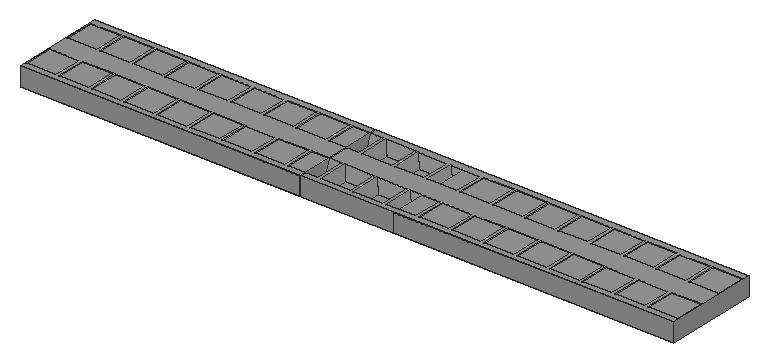
Revit family "2023772", category Lighting Fixtures, host Face, Revit 2018
Family settings
  Host = Face
  Round Connector Dimension = Use Diameter
  Part Type = Normal
  OmniClass Number = 23.80.70.00
  OmniClass Title = Lighting
  Cut with Voids When Loaded = No
  Light Source = Yes
  Shared = No
  Room Calculation Point = No
Parameters (values of type "2023772 OPTIX S 1500 2L D/I HO 4K ALU DA")
  Weight = "n/a"
  Wattage Comments = ""
  Wattage = 9.2903 W
  WarrantyStartDate [instance] = "n/a"
  WarrantyGuarantorParts = "n/a"
  WarrantyDurationUnit = "n/a"
  WarrantyDurationParts = ""
  WarrantyDescription = "http://www.sylvania-lighting.com"
  built-in parameter 1150110 = 1 (stored number, unit not read)
  Voltage = 0 V
  URL = "0.98"
  TypeName = "OPTIX SURFACE 1500 2L D/I HO 4000K ALU DALI"
  Type Image = <None>
  Type Comments = "n/a"
  built-in parameter 1114217 = 1 (stored number, unit not read)
  Tilt Angle = -90.00°
  built-in parameter 1150109 = 1 (stored number, unit not read)
  built-in parameter 1150134 = 3
  built-in parameter 1150113 = 1 (stored number, unit not read)
  SerialNumber [instance] = "n/a"
  Photometric Web File = "2023772.ies"
  Material_3_SYL = none
  PowerFactor = 0
  PowerConsumption = "Lighting"
  NominalLength = 200 mm
  NominalHeight = 45 mm
  NominalDepth = 200 mm
  Name = "OPTIX SURFACE 1500 2L D/I HO 4000K ALU DALI"
  ModelReference = Name  # "OPTIX SURFACE 1500 2L D/I HO 4000K ALU DALI"
  ModelNumber = "2023772"
  Model = Name  # "OPTIX SURFACE 1500 2L D/I HO 4000K ALU DALI"
  Material = "Feilo Sylvania"
  ManufacturerName = "152 lm/W"
  Manufacturer = ""
  LuminousEfficacy = ""
  built-in parameter 1150105 = 109.82 (stored number, unit not read)
  Lumens = 1380 lm
  LuminaireType = "0"
  built-in parameter 1150115 = 1 (stored number, unit not read)
  LightOutputRatio = "LED"
  built-in parameter 1150137 = (empty or 0)
  built-in parameter 1150139 = (empty or 0)
  LampsType = Lamp  # "n/a"
  LampNominalLuminous = "4000 K"
  LampMacAdamStep = "80"
  LampColourTemperature = "LED"
  LampColourRenderingIndex = "16500"
  built-in parameter 1150112 = 1 (stored number, unit not read)
  built-in parameter 1150114 = 1 (stored number, unit not read)
  Lamp = "n/a"
  Keynote = "n/a"
  InstallationDate [instance] = "n/a"
  InputVoltage = "0"
  InputNominalFrequency = "4000"
  built-in parameter 1150132 = (empty or 0)
  built-in parameter 1150102 = (empty or 0)
  built-in parameter 1150107 = 3200 (stored number, unit not read)
  built-in parameter 1150138 = (empty or 0)
  IngressProtection = "IfcLightFixtureType"
  ImpactProtectionIndex = "IfcLightFixtureType"
  built-in parameter 1150106 = 1.0982 (stored number, unit not read)
  IfcExportType = "IfcLightFixtureType"
  IfcExportAs = "Class I"
  Emit from Circle Diameter = 609.6 mm
  Emit Shape Visible in Rendering = no
  ElectricShockClassification = "152"
  built-in parameter 1150104 = 13.8 (stored number, unit not read)
  DocumentationLiterature = "http://www.sylvania-lighting.com/product/en-int/products/2023772"
  DimmingControlOptions = "n/a"
  Material_2_SYL = none
  Dimming Lamp Color Temperature Shift = <None>
  Description = "OPTIX SURFACE 1500x200 2 LINE D/I HO 4000K ALU DALI is a high efficacy low glare luminaire for office and education applications. Direct / Indirect lighting with 80% downlight and 20% uplight ratio for ceiling suspended mounting. Size: 1410x200x45mm. Aluminised plastic extra low glare optics in 2 lines configuration. White RAL9016 fixture body. DALI dimmable. 4000K Neutral White LED, CRI>80, chromaticity tolerance of 3-step MacAdam ellipse. Luminous flux 7000lm. Power consumption 45W. Luminaire efficacy 156lm/W. Lifespan: 60,000 hours L90B10. UGR<16, Luminance at 65°<200 Cd/m2, IK07, IP20. Photobiological safety risk group 1. Electrical protection Class I. Glow wire test 850°C."
  Default Elevation = 1219.2 mm
  CreatedOn = "22/09/2022"
  CreatedBy = "@sylvania-lighting.com"
  Cost = 0
  Color Filter = 16777215
  built-in parameter 1114216 [instance] = (empty or 0)
  ClassificationValue = "EF_70_80"
  ClassificationName = "Uniclass2015"
  Material_1_SYL = none
  BarCode [instance] = "n/a"
  built-in parameter 1114218 = 1 (stored number, unit not read)
  built-in parameter 1150133 = 10 (stored number, unit not read)
  AssetType = "Fixed"
  AssetIdentifier [instance] = "n/a"
  Assembly Code = "D5020200"
  Apparent Load = 46 VA
  Material_4_SYL = none
Reference planes
  plane 1 "Center (Front/Back)": y = 0
  plane 2: z = 0
  plane 3 "Center (Left/Right)": x = 0
  plane 4: x = -100
  plane 5: x = 100
  plane 6: y = 100
  plane 7: y = -100
  plane 8: z = 45
  plane 9: x = -698.5
  plane 10: x = 698.5
  plane 11: x = -633
  plane 12: y = 23
  plane 13: y = -23
  plane 14: x = -563
  plane 15: x = -557
  plane 16: x = -493
  plane 17: x = -487
  plane 18: x = -423
  plane 19: x = -417
  plane 20: x = -353
  plane 21: x = -347
  plane 22: x = -283
  plane 23: x = -277
  plane 24: x = -213
  plane 25: x = -206.997
  plane 26: x = -142.997
  plane 27: x = -136.997
  plane 28: x = -72.997
  plane 29: x = -66.997
  plane 30: x = -2.997
  plane 31: x = 3.003
  plane 32: x = 67.003
  plane 33: x = 73.003
  plane 34: x = 137.003
  plane 35: x = 143.003
  plane 36: x = 207.003
  plane 37: x = 213.003
  plane 38: x = 277.003
  plane 39: x = 283.003
  plane 40: x = 347.003
  plane 41: x = 353.003
  plane 42: x = 417.003
  plane 43: x = 423.003
  plane 44: x = 487.003
  plane 45: x = 493.003
  plane 46: x = 557.003
  plane 47: x = 563.003
  plane 48: x = 627.003
  plane 49: x = 633.003
  plane 50: x = -627
  plane 51: x = 697.011
  plane 52: x = -697
  plane 53: y = -87
  plane 54: y = -55
  plane 55: y = -33.5
  plane 56: y = -76.5
  plane 57: x = -665
  plane 58: x = -643.5
  plane 59: x = -686.5
  plane 60: x = -595
  plane 61: y = -5
  plane 62: z = 52.5
Forms (mm)
  Extrusion 1, solid, material "Aluminum", detail levels medium+fine
    sketch origin (0, 0, 0) x (1, 0, 0) y (0, 1, 0)
      loop
        line (-512.5, 10) -> (-512.5, -10) -> (-487.5, -10) -> (-487.5, 10) -> (-512.5, 10)
    from 0 to 6
  Extrusion 2, solid, material "Aluminum", detail levels medium+fine
    sketch origin (0, 0, 0) x (1, 0, 0) y (0, 1, 0)
      loop
        line (486, 10) -> (486, -10) -> (511, -10) -> (511, 10) -> (486, 10)
    from 0 to 6
  Extrusion 3, solid, material "Aluminum", detail levels medium+fine
    sketch origin (0, 0, 0) x (1, 0, 0) y (0, 1, 0)
      loop
        line (-698.5, 100) -> (-698.5, -100) -> (698.5, -100) -> (698.5, 100) -> (-698.5, 100)
    from 6 to 45
  Extrusion 4, solid, material "Aluminum", detail levels medium+fine
    sketch origin (0, 0, 0) x (1, 0, 0) y (0, 1, 0)
      loop
        line (-100, 100) -> (-698.5, 100) -> (-698.5, -100) -> (-100, -100) -> (-100, 100)
    from 6 to 45
  Extrusion 5, solid, material "Aluminum", detail levels medium+fine
    sketch origin (0, 0, 0) x (1, 0, 0) y (0, 1, 0)
      loop
        line (698.5, 100) -> (100, 100) -> (100, -100) -> (698.5, -100) -> (698.5, 100)
    from 6 to 45
  Blend 6, void
    base sketch origin (0, 0, 0) x (1, 0, 0) y (0, 1, 0)
      loop
        line (-697, -23) -> (-697, -87) -> (-633, -87) -> (-633, -23) -> (-697, -23)
    top sketch origin (0, 0, 0) x (1, 0, 0) y (0, 1, 0)
      loop
        line (-686.5, -33.5) -> (-686.5, -76.5) -> (-643.5, -76.5) -> (-643.5, -33.5) -> (-686.5, -33.5)
    from 45 to 18.5
  Extrusion 7, solid, material "Glass, White, High Luminance", detail levels fine
    sketch origin (0, 0, 0) x (1, 0, 0) y (0, 1, 0)
      loop
        line (-686.5, -33.5) -> (-686.5, -76.5) -> (-643.5, -76.5) -> (-643.5, -33.5) -> (-686.5, -33.5)
    from 18.5 to 20
  Blend 8, void
    base sketch origin (70, 0, 0) x (1, 0, 0) y (0, 1, 0)
      loop
        line (-697, -23) -> (-697, -87) -> (-633, -87) -> (-633, -23) -> (-697, -23)
    top sketch origin (70, 0, 0) x (1, 0, 0) y (0, 1, 0)
      loop
        line (-686.5, -33.5) -> (-686.5, -76.5) -> (-643.5, -76.5) -> (-643.5, -33.5) -> (-686.5, -33.5)
    from 45 to 18.5
  Blend 9, void
    base sketch origin (140, 0, 0) x (1, 0, 0) y (0, 1, 0)
      loop
        line (-697, -23) -> (-697, -87) -> (-633, -87) -> (-633, -23) -> (-697, -23)
    top sketch origin (140, 0, 0) x (1, 0, 0) y (0, 1, 0)
      loop
        line (-686.5, -33.5) -> (-686.5, -76.5) -> (-643.5, -76.5) -> (-643.5, -33.5) -> (-686.5, -33.5)
    from 45 to 18.5
  Blend 10, void
    base sketch origin (210, 0, 0) x (1, 0, 0) y (0, 1, 0)
      loop
        line (-697, -23) -> (-697, -87) -> (-633, -87) -> (-633, -23) -> (-697, -23)
    top sketch origin (210, 0, 0) x (1, 0, 0) y (0, 1, 0)
      loop
        line (-686.5, -33.5) -> (-686.5, -76.5) -> (-643.5, -76.5) -> (-643.5, -33.5) -> (-686.5, -33.5)
    from 45 to 18.5
  Blend 11, void
    base sketch origin (280, 0, 0) x (1, 0, 0) y (0, 1, 0)
      loop
        line (-697, -23) -> (-697, -87) -> (-633, -87) -> (-633, -23) -> (-697, -23)
    top sketch origin (280, 0, 0) x (1, 0, 0) y (0, 1, 0)
      loop
        line (-686.5, -33.5) -> (-686.5, -76.5) -> (-643.5, -76.5) -> (-643.5, -33.5) -> (-686.5, -33.5)
    from 45 to 18.5
  Blend 12, void
    base sketch origin (350, 0, 0) x (1, 0, 0) y (0, 1, 0)
      loop
        line (-697, -23) -> (-697, -87) -> (-633, -87) -> (-633, -23) -> (-697, -23)
    top sketch origin (350, 0, 0) x (1, 0, 0) y (0, 1, 0)
      loop
        line (-686.5, -33.5) -> (-686.5, -76.5) -> (-643.5, -76.5) -> (-643.5, -33.5) -> (-686.5, -33.5)
    from 45 to 18.5
  Blend 13, void
    base sketch origin (420, 0, 0) x (1, 0, 0) y (0, 1, 0)
      loop
        line (-697, -23) -> (-697, -87) -> (-633, -87) -> (-633, -23) -> (-697, -23)
    top sketch origin (420, 0, 0) x (1, 0, 0) y (0, 1, 0)
      loop
        line (-686.5, -33.5) -> (-686.5, -76.5) -> (-643.5, -76.5) -> (-643.5, -33.5) -> (-686.5, -33.5)
    from 45 to 18.5
  Blend 14, void
    base sketch origin (490.003, 0, 0) x (1, 0, 0) y (0, 1, 0)
      loop
        line (-697, -23) -> (-697, -87) -> (-633, -87) -> (-633, -23) -> (-697, -23)
    top sketch origin (490.003, 0, 0) x (1, 0, 0) y (0, 1, 0)
      loop
        line (-686.5, -33.5) -> (-686.5, -76.5) -> (-643.5, -76.5) -> (-643.5, -33.5) -> (-686.5, -33.5)
    from 45 to 18.5
  Blend 15, void
    base sketch origin (560.003, 0, 0) x (1, 0, 0) y (0, 1, 0)
      loop
        line (-697, -23) -> (-697, -87) -> (-633, -87) -> (-633, -23) -> (-697, -23)
    top sketch origin (560.003, 0, 0) x (1, 0, 0) y (0, 1, 0)
      loop
        line (-686.5, -33.5) -> (-686.5, -76.5) -> (-643.5, -76.5) -> (-643.5, -33.5) -> (-686.5, -33.5)
    from 45 to 18.5
  Blend 16, void
    base sketch origin (630.003, 0, 0) x (1, 0, 0) y (0, 1, 0)
      loop
        line (-697, -23) -> (-697, -87) -> (-633, -87) -> (-633, -23) -> (-697, -23)
    top sketch origin (630.003, 0, 0) x (1, 0, 0) y (0, 1, 0)
      loop
        line (-686.5, -33.5) -> (-686.5, -76.5) -> (-643.5, -76.5) -> (-643.5, -33.5) -> (-686.5, -33.5)
    from 45 to 18.5
  Blend 17, void
    base sketch origin (700.003, 0, 0) x (1, 0, 0) y (0, 1, 0)
      loop
        line (-697, -23) -> (-697, -87) -> (-633, -87) -> (-633, -23) -> (-697, -23)
    top sketch origin (700.003, 0, 0) x (1, 0, 0) y (0, 1, 0)
      loop
        line (-686.5, -33.5) -> (-686.5, -76.5) -> (-643.5, -76.5) -> (-643.5, -33.5) -> (-686.5, -33.5)
    from 45 to 18.5
  Blend 18, void
    base sketch origin (770.003, 0, 0) x (1, 0, 0) y (0, 1, 0)
      loop
        line (-697, -23) -> (-697, -87) -> (-633, -87) -> (-633, -23) -> (-697, -23)
    top sketch origin (770.003, 0, 0) x (1, 0, 0) y (0, 1, 0)
      loop
        line (-686.5, -33.5) -> (-686.5, -76.5) -> (-643.5, -76.5) -> (-643.5, -33.5) -> (-686.5, -33.5)
    from 45 to 18.5
  Blend 19, void
    base sketch origin (840.003, 0, 0) x (1, 0, 0) y (0, 1, 0)
      loop
        line (-697, -23) -> (-697, -87) -> (-633, -87) -> (-633, -23) -> (-697, -23)
    top sketch origin (840.003, 0, 0) x (1, 0, 0) y (0, 1, 0)
      loop
        line (-686.5, -33.5) -> (-686.5, -76.5) -> (-643.5, -76.5) -> (-643.5, -33.5) -> (-686.5, -33.5)
    from 45 to 18.5
  Blend 20, void
    base sketch origin (910.003, 0, 0) x (1, 0, 0) y (0, 1, 0)
      loop
        line (-697, -23) -> (-697, -87) -> (-633, -87) -> (-633, -23) -> (-697, -23)
    top sketch origin (910.003, 0, 0) x (1, 0, 0) y (0, 1, 0)
      loop
        line (-686.5, -33.5) -> (-686.5, -76.5) -> (-643.5, -76.5) -> (-643.5, -33.5) -> (-686.5, -33.5)
    from 45 to 18.5
  Blend 21, void
    base sketch origin (980.003, 0, 0) x (1, 0, 0) y (0, 1, 0)
      loop
        line (-697, -23) -> (-697, -87) -> (-633, -87) -> (-633, -23) -> (-697, -23)
    top sketch origin (980.003, 0, 0) x (1, 0, 0) y (0, 1, 0)
      loop
        line (-686.5, -33.5) -> (-686.5, -76.5) -> (-643.5, -76.5) -> (-643.5, -33.5) -> (-686.5, -33.5)
    from 45 to 18.5
  Blend 22, void
    base sketch origin (1050.003, 0, 0) x (1, 0, 0) y (0, 1, 0)
      loop
        line (-697, -23) -> (-697, -87) -> (-633, -87) -> (-633, -23) -> (-697, -23)
    top sketch origin (1050.003, 0, 0) x (1, 0, 0) y (0, 1, 0)
      loop
        line (-686.5, -33.5) -> (-686.5, -76.5) -> (-643.5, -76.5) -> (-643.5, -33.5) -> (-686.5, -33.5)
    from 45 to 18.5
  Blend 23, void
    base sketch origin (1120.003, 0, 0) x (1, 0, 0) y (0, 1, 0)
      loop
        line (-697, -23) -> (-697, -87) -> (-633, -87) -> (-633, -23) -> (-697, -23)
    top sketch origin (1120.003, 0, 0) x (1, 0, 0) y (0, 1, 0)
      loop
        line (-686.5, -33.5) -> (-686.5, -76.5) -> (-643.5, -76.5) -> (-643.5, -33.5) -> (-686.5, -33.5)
    from 45 to 18.5
  Blend 24, void
    base sketch origin (1190.003, 0, 0) x (1, 0, 0) y (0, 1, 0)
      loop
        line (-697, -23) -> (-697, -87) -> (-633, -87) -> (-633, -23) -> (-697, -23)
    top sketch origin (1190.003, 0, 0) x (1, 0, 0) y (0, 1, 0)
      loop
        line (-686.5, -33.5) -> (-686.5, -76.5) -> (-643.5, -76.5) -> (-643.5, -33.5) -> (-686.5, -33.5)
    from 45 to 18.5
  Blend 25, void
    base sketch origin (1260.003, 0, 0) x (1, 0, 0) y (0, 1, 0)
      loop
        line (-697, -23) -> (-697, -87) -> (-633, -87) -> (-633, -23) -> (-697, -23)
    top sketch origin (1260.003, 0, 0) x (1, 0, 0) y (0, 1, 0)
      loop
        line (-686.5, -33.5) -> (-686.5, -76.5) -> (-643.5, -76.5) -> (-643.5, -33.5) -> (-686.5, -33.5)
    from 45 to 18.5
  Blend 26, void
    base sketch origin (1330.003, 0, 0) x (1, 0, 0) y (0, 1, 0)
      loop
        line (-697, -23) -> (-697, -87) -> (-633, -87) -> (-633, -23) -> (-697, -23)
    top sketch origin (1330.003, 0, 0) x (1, 0, 0) y (0, 1, 0)
      loop
        line (-686.5, -33.5) -> (-686.5, -76.5) -> (-643.5, -76.5) -> (-643.5, -33.5) -> (-686.5, -33.5)
    from 45 to 18.5
  Extrusion 27, solid, material "Glass, White, High Luminance", detail levels fine
    sketch origin (70, 0, 0) x (1, 0, 0) y (0, 1, 0)
      loop
        line (-686.5, -33.5) -> (-686.5, -76.5) -> (-643.5, -76.5) -> (-643.5, -33.5) -> (-686.5, -33.5)
    from 18.5 to 20
  Extrusion 28, solid, material "Glass, White, High Luminance", detail levels fine
    sketch origin (140, 0, 0) x (1, 0, 0) y (0, 1, 0)
      loop
        line (-686.5, -33.5) -> (-686.5, -76.5) -> (-643.5, -76.5) -> (-643.5, -33.5) -> (-686.5, -33.5)
    from 18.5 to 20
  Extrusion 29, solid, material "Glass, White, High Luminance", detail levels fine
    sketch origin (210, 0, 0) x (1, 0, 0) y (0, 1, 0)
      loop
        line (-686.5, -33.5) -> (-686.5, -76.5) -> (-643.5, -76.5) -> (-643.5, -33.5) -> (-686.5, -33.5)
    from 18.5 to 20
  Extrusion 30, solid, material "Glass, White, High Luminance", detail levels fine
    sketch origin (280, 0, 0) x (1, 0, 0) y (0, 1, 0)
      loop
        line (-686.5, -33.5) -> (-686.5, -76.5) -> (-643.5, -76.5) -> (-643.5, -33.5) -> (-686.5, -33.5)
    from 18.5 to 20
  Extrusion 31, solid, material "Glass, White, High Luminance", detail levels fine
    sketch origin (350, 0, 0) x (1, 0, 0) y (0, 1, 0)
      loop
        line (-686.5, -33.5) -> (-686.5, -76.5) -> (-643.5, -76.5) -> (-643.5, -33.5) -> (-686.5, -33.5)
    from 18.5 to 20
  Extrusion 32, solid, material "Glass, White, High Luminance", detail levels fine
    sketch origin (420, 0, 0) x (1, 0, 0) y (0, 1, 0)
      loop
        line (-686.5, -33.5) -> (-686.5, -76.5) -> (-643.5, -76.5) -> (-643.5, -33.5) -> (-686.5, -33.5)
    from 18.5 to 20
  Extrusion 33, solid, material "Glass, White, High Luminance", detail levels fine
    sketch origin (490.003, 0, 0) x (1, 0, 0) y (0, 1, 0)
      loop
        line (-686.5, -33.5) -> (-686.5, -76.5) -> (-643.5, -76.5) -> (-643.5, -33.5) -> (-686.5, -33.5)
    from 18.5 to 20
  Extrusion 34, solid, material "Glass, White, High Luminance", detail levels fine
    sketch origin (560.003, 0, 0) x (1, 0, 0) y (0, 1, 0)
      loop
        line (-686.5, -33.5) -> (-686.5, -76.5) -> (-643.5, -76.5) -> (-643.5, -33.5) -> (-686.5, -33.5)
    from 18.5 to 20
  Extrusion 35, solid, material "Glass, White, High Luminance", detail levels fine
    sketch origin (630.003, 0, 0) x (1, 0, 0) y (0, 1, 0)
      loop
        line (-686.5, -33.5) -> (-686.5, -76.5) -> (-643.5, -76.5) -> (-643.5, -33.5) -> (-686.5, -33.5)
    from 18.5 to 20
  Extrusion 36, solid, material "Glass, White, High Luminance", detail levels fine
    sketch origin (700.003, 0, 0) x (1, 0, 0) y (0, 1, 0)
      loop
        line (-686.5, -33.5) -> (-686.5, -76.5) -> (-643.5, -76.5) -> (-643.5, -33.5) -> (-686.5, -33.5)
    from 18.5 to 20
  Extrusion 37, solid, material "Glass, White, High Luminance", detail levels fine
    sketch origin (770.003, 0, 0) x (1, 0, 0) y (0, 1, 0)
      loop
        line (-686.5, -33.5) -> (-686.5, -76.5) -> (-643.5, -76.5) -> (-643.5, -33.5) -> (-686.5, -33.5)
    from 18.5 to 20
  Extrusion 38, solid, material "Glass, White, High Luminance", detail levels fine
    sketch origin (840.003, 0, 0) x (1, 0, 0) y (0, 1, 0)
      loop
        line (-686.5, -33.5) -> (-686.5, -76.5) -> (-643.5, -76.5) -> (-643.5, -33.5) -> (-686.5, -33.5)
    from 18.5 to 20
  Extrusion 39, solid, material "Glass, White, High Luminance", detail levels fine
    sketch origin (910.003, 0, 0) x (1, 0, 0) y (0, 1, 0)
      loop
        line (-686.5, -33.5) -> (-686.5, -76.5) -> (-643.5, -76.5) -> (-643.5, -33.5) -> (-686.5, -33.5)
    from 18.5 to 20
  Extrusion 40, solid, material "Glass, White, High Luminance", detail levels fine
    sketch origin (980.003, 0, 0) x (1, 0, 0) y (0, 1, 0)
      loop
        line (-686.5, -33.5) -> (-686.5, -76.5) -> (-643.5, -76.5) -> (-643.5, -33.5) -> (-686.5, -33.5)
    from 18.5 to 20
  Extrusion 41, solid, material "Glass, White, High Luminance", detail levels fine
    sketch origin (1050.003, 0, 0) x (1, 0, 0) y (0, 1, 0)
      loop
        line (-686.5, -33.5) -> (-686.5, -76.5) -> (-643.5, -76.5) -> (-643.5, -33.5) -> (-686.5, -33.5)
    from 18.5 to 20
  Extrusion 42, solid, material "Glass, White, High Luminance", detail levels fine
    sketch origin (1120.003, 0, 0) x (1, 0, 0) y (0, 1, 0)
      loop
        line (-686.5, -33.5) -> (-686.5, -76.5) -> (-643.5, -76.5) -> (-643.5, -33.5) -> (-686.5, -33.5)
    from 18.5 to 20
  Extrusion 43, solid, material "Glass, White, High Luminance", detail levels fine
    sketch origin (1190.003, 0, 0) x (1, 0, 0) y (0, 1, 0)
      loop
        line (-686.5, -33.5) -> (-686.5, -76.5) -> (-643.5, -76.5) -> (-643.5, -33.5) -> (-686.5, -33.5)
    from 18.5 to 20
  Extrusion 44, solid, material "Glass, White, High Luminance", detail levels fine
    sketch origin (1260.003, 0, 0) x (1, 0, 0) y (0, 1, 0)
      loop
        line (-686.5, -33.5) -> (-686.5, -76.5) -> (-643.5, -76.5) -> (-643.5, -33.5) -> (-686.5, -33.5)
    from 18.5 to 20
  Extrusion 45, solid, material "Glass, White, High Luminance", detail levels fine
    sketch origin (1330.003, 0, 0) x (1, 0, 0) y (0, 1, 0)
      loop
        line (-686.5, -33.5) -> (-686.5, -76.5) -> (-643.5, -76.5) -> (-643.5, -33.5) -> (-686.5, -33.5)
    from 18.5 to 20
  Blend 46, void
    base sketch origin (0, 110, 0) x (1, 0, 0) y (0, 1, 0)
      loop
        line (-697, -23) -> (-697, -87) -> (-633, -87) -> (-633, -23) -> (-697, -23)
    top sketch origin (0, 110, 0) x (1, 0, 0) y (0, 1, 0)
      loop
        line (-686.5, -33.5) -> (-686.5, -76.5) -> (-643.5, -76.5) -> (-643.5, -33.5) -> (-686.5, -33.5)
    from 45 to 18.5
  Blend 47, void
    base sketch origin (70, 110, 0) x (1, 0, 0) y (0, 1, 0)
      loop
        line (-697, -23) -> (-697, -87) -> (-633, -87) -> (-633, -23) -> (-697, -23)
    top sketch origin (70, 110, 0) x (1, 0, 0) y (0, 1, 0)
      loop
        line (-686.5, -33.5) -> (-686.5, -76.5) -> (-643.5, -76.5) -> (-643.5, -33.5) -> (-686.5, -33.5)
    from 45 to 18.5
  Blend 48, void
    base sketch origin (140, 110, 0) x (1, 0, 0) y (0, 1, 0)
      loop
        line (-697, -23) -> (-697, -87) -> (-633, -87) -> (-633, -23) -> (-697, -23)
    top sketch origin (140, 110, 0) x (1, 0, 0) y (0, 1, 0)
      loop
        line (-686.5, -33.5) -> (-686.5, -76.5) -> (-643.5, -76.5) -> (-643.5, -33.5) -> (-686.5, -33.5)
    from 45 to 18.5
  Blend 49, void
    base sketch origin (210, 110, 0) x (1, 0, 0) y (0, 1, 0)
      loop
        line (-697, -23) -> (-697, -87) -> (-633, -87) -> (-633, -23) -> (-697, -23)
    top sketch origin (210, 110, 0) x (1, 0, 0) y (0, 1, 0)
      loop
        line (-686.5, -33.5) -> (-686.5, -76.5) -> (-643.5, -76.5) -> (-643.5, -33.5) -> (-686.5, -33.5)
    from 45 to 18.5
  Blend 50, void
    base sketch origin (280, 110, 0) x (1, 0, 0) y (0, 1, 0)
      loop
        line (-697, -23) -> (-697, -87) -> (-633, -87) -> (-633, -23) -> (-697, -23)
    top sketch origin (280, 110, 0) x (1, 0, 0) y (0, 1, 0)
      loop
        line (-686.5, -33.5) -> (-686.5, -76.5) -> (-643.5, -76.5) -> (-643.5, -33.5) -> (-686.5, -33.5)
    from 45 to 18.5
  Blend 51, void
    base sketch origin (350, 110, 0) x (1, 0, 0) y (0, 1, 0)
      loop
        line (-697, -23) -> (-697, -87) -> (-633, -87) -> (-633, -23) -> (-697, -23)
    top sketch origin (350, 110, 0) x (1, 0, 0) y (0, 1, 0)
      loop
        line (-686.5, -33.5) -> (-686.5, -76.5) -> (-643.5, -76.5) -> (-643.5, -33.5) -> (-686.5, -33.5)
    from 45 to 18.5
  Blend 52, void
    base sketch origin (420, 110, 0) x (1, 0, 0) y (0, 1, 0)
      loop
        line (-697, -23) -> (-697, -87) -> (-633, -87) -> (-633, -23) -> (-697, -23)
    top sketch origin (420, 110, 0) x (1, 0, 0) y (0, 1, 0)
      loop
        line (-686.5, -33.5) -> (-686.5, -76.5) -> (-643.5, -76.5) -> (-643.5, -33.5) -> (-686.5, -33.5)
    from 45 to 18.5
  Blend 53, void
    base sketch origin (490.003, 110, 0) x (1, 0, 0) y (0, 1, 0)
      loop
        line (-697, -23) -> (-697, -87) -> (-633, -87) -> (-633, -23) -> (-697, -23)
    top sketch origin (490.003, 110, 0) x (1, 0, 0) y (0, 1, 0)
      loop
        line (-686.5, -33.5) -> (-686.5, -76.5) -> (-643.5, -76.5) -> (-643.5, -33.5) -> (-686.5, -33.5)
    from 45 to 18.5
  Blend 54, void
    base sketch origin (560.003, 110, 0) x (1, 0, 0) y (0, 1, 0)
      loop
        line (-697, -23) -> (-697, -87) -> (-633, -87) -> (-633, -23) -> (-697, -23)
    top sketch origin (560.003, 110, 0) x (1, 0, 0) y (0, 1, 0)
      loop
        line (-686.5, -33.5) -> (-686.5, -76.5) -> (-643.5, -76.5) -> (-643.5, -33.5) -> (-686.5, -33.5)
    from 45 to 18.5
  Blend 55, void
    base sketch origin (630.003, 110, 0) x (1, 0, 0) y (0, 1, 0)
      loop
        line (-697, -23) -> (-697, -87) -> (-633, -87) -> (-633, -23) -> (-697, -23)
    top sketch origin (630.003, 110, 0) x (1, 0, 0) y (0, 1, 0)
      loop
        line (-686.5, -33.5) -> (-686.5, -76.5) -> (-643.5, -76.5) -> (-643.5, -33.5) -> (-686.5, -33.5)
    from 45 to 18.5
  Blend 56, void
    base sketch origin (700.003, 110, 0) x (1, 0, 0) y (0, 1, 0)
      loop
        line (-697, -23) -> (-697, -87) -> (-633, -87) -> (-633, -23) -> (-697, -23)
    top sketch origin (700.003, 110, 0) x (1, 0, 0) y (0, 1, 0)
      loop
        line (-686.5, -33.5) -> (-686.5, -76.5) -> (-643.5, -76.5) -> (-643.5, -33.5) -> (-686.5, -33.5)
    from 45 to 18.5
  Blend 57, void
    base sketch origin (770.003, 110, 0) x (1, 0, 0) y (0, 1, 0)
      loop
        line (-697, -23) -> (-697, -87) -> (-633, -87) -> (-633, -23) -> (-697, -23)
    top sketch origin (770.003, 110, 0) x (1, 0, 0) y (0, 1, 0)
      loop
        line (-686.5, -33.5) -> (-686.5, -76.5) -> (-643.5, -76.5) -> (-643.5, -33.5) -> (-686.5, -33.5)
    from 45 to 18.5
  Blend 58, void
    base sketch origin (840.003, 110, 0) x (1, 0, 0) y (0, 1, 0)
      loop
        line (-697, -23) -> (-697, -87) -> (-633, -87) -> (-633, -23) -> (-697, -23)
    top sketch origin (840.003, 110, 0) x (1, 0, 0) y (0, 1, 0)
      loop
        line (-686.5, -33.5) -> (-686.5, -76.5) -> (-643.5, -76.5) -> (-643.5, -33.5) -> (-686.5, -33.5)
    from 45 to 18.5
  Blend 59, void
    base sketch origin (910.003, 110, 0) x (1, 0, 0) y (0, 1, 0)
      loop
        line (-697, -23) -> (-697, -87) -> (-633, -87) -> (-633, -23) -> (-697, -23)
    top sketch origin (910.003, 110, 0) x (1, 0, 0) y (0, 1, 0)
      loop
        line (-686.5, -33.5) -> (-686.5, -76.5) -> (-643.5, -76.5) -> (-643.5, -33.5) -> (-686.5, -33.5)
    from 45 to 18.5
  Blend 60, void
    base sketch origin (980.003, 110, 0) x (1, 0, 0) y (0, 1, 0)
      loop
        line (-697, -23) -> (-697, -87) -> (-633, -87) -> (-633, -23) -> (-697, -23)
    top sketch origin (980.003, 110, 0) x (1, 0, 0) y (0, 1, 0)
      loop
        line (-686.5, -33.5) -> (-686.5, -76.5) -> (-643.5, -76.5) -> (-643.5, -33.5) -> (-686.5, -33.5)
    from 45 to 18.5
  Blend 61, void
    base sketch origin (1050.003, 110, 0) x (1, 0, 0) y (0, 1, 0)
      loop
        line (-697, -23) -> (-697, -87) -> (-633, -87) -> (-633, -23) -> (-697, -23)
    top sketch origin (1050.003, 110, 0) x (1, 0, 0) y (0, 1, 0)
      loop
        line (-686.5, -33.5) -> (-686.5, -76.5) -> (-643.5, -76.5) -> (-643.5, -33.5) -> (-686.5, -33.5)
    from 45 to 18.5
  Blend 62, void
    base sketch origin (1120.003, 110, 0) x (1, 0, 0) y (0, 1, 0)
      loop
        line (-697, -23) -> (-697, -87) -> (-633, -87) -> (-633, -23) -> (-697, -23)
    top sketch origin (1120.003, 110, 0) x (1, 0, 0) y (0, 1, 0)
      loop
        line (-686.5, -33.5) -> (-686.5, -76.5) -> (-643.5, -76.5) -> (-643.5, -33.5) -> (-686.5, -33.5)
    from 45 to 18.5
  Blend 63, void
    base sketch origin (1190.003, 110, 0) x (1, 0, 0) y (0, 1, 0)
      loop
        line (-697, -23) -> (-697, -87) -> (-633, -87) -> (-633, -23) -> (-697, -23)
    top sketch origin (1190.003, 110, 0) x (1, 0, 0) y (0, 1, 0)
      loop
        line (-686.5, -33.5) -> (-686.5, -76.5) -> (-643.5, -76.5) -> (-643.5, -33.5) -> (-686.5, -33.5)
    from 45 to 18.5
  Blend 64, void
    base sketch origin (1260.003, 110, 0) x (1, 0, 0) y (0, 1, 0)
      loop
        line (-697, -23) -> (-697, -87) -> (-633, -87) -> (-633, -23) -> (-697, -23)
    top sketch origin (1260.003, 110, 0) x (1, 0, 0) y (0, 1, 0)
      loop
        line (-686.5, -33.5) -> (-686.5, -76.5) -> (-643.5, -76.5) -> (-643.5, -33.5) -> (-686.5, -33.5)
    from 45 to 18.5
  Blend 65, void
    base sketch origin (1330.003, 110, 0) x (1, 0, 0) y (0, 1, 0)
      loop
        line (-697, -23) -> (-697, -87) -> (-633, -87) -> (-633, -23) -> (-697, -23)
    top sketch origin (1330.003, 110, 0) x (1, 0, 0) y (0, 1, 0)
      loop
        line (-686.5, -33.5) -> (-686.5, -76.5) -> (-643.5, -76.5) -> (-643.5, -33.5) -> (-686.5, -33.5)
    from 45 to 18.5
  Extrusion 66, solid, material "Glass, White, High Luminance", detail levels fine
    sketch origin (0, 110, 0) x (1, 0, 0) y (0, 1, 0)
      loop
        line (-686.5, -33.5) -> (-686.5, -76.5) -> (-643.5, -76.5) -> (-643.5, -33.5) -> (-686.5, -33.5)
    from 18.5 to 20
  Extrusion 67, solid, material "Glass, White, High Luminance", detail levels fine
    sketch origin (70, 110, 0) x (1, 0, 0) y (0, 1, 0)
      loop
        line (-686.5, -33.5) -> (-686.5, -76.5) -> (-643.5, -76.5) -> (-643.5, -33.5) -> (-686.5, -33.5)
    from 18.5 to 20
  Extrusion 68, solid, material "Glass, White, High Luminance", detail levels fine
    sketch origin (140, 110, 0) x (1, 0, 0) y (0, 1, 0)
      loop
        line (-686.5, -33.5) -> (-686.5, -76.5) -> (-643.5, -76.5) -> (-643.5, -33.5) -> (-686.5, -33.5)
    from 18.5 to 20
  Extrusion 69, solid, material "Glass, White, High Luminance", detail levels fine
    sketch origin (210, 110, 0) x (1, 0, 0) y (0, 1, 0)
      loop
        line (-686.5, -33.5) -> (-686.5, -76.5) -> (-643.5, -76.5) -> (-643.5, -33.5) -> (-686.5, -33.5)
    from 18.5 to 20
  Extrusion 70, solid, material "Glass, White, High Luminance", detail levels fine
    sketch origin (280, 110, 0) x (1, 0, 0) y (0, 1, 0)
      loop
        line (-686.5, -33.5) -> (-686.5, -76.5) -> (-643.5, -76.5) -> (-643.5, -33.5) -> (-686.5, -33.5)
    from 18.5 to 20
  Extrusion 71, solid, material "Glass, White, High Luminance", detail levels fine
    sketch origin (350, 110, 0) x (1, 0, 0) y (0, 1, 0)
      loop
        line (-686.5, -33.5) -> (-686.5, -76.5) -> (-643.5, -76.5) -> (-643.5, -33.5) -> (-686.5, -33.5)
    from 18.5 to 20
  Extrusion 72, solid, material "Glass, White, High Luminance", detail levels fine
    sketch origin (420, 110, 0) x (1, 0, 0) y (0, 1, 0)
      loop
        line (-686.5, -33.5) -> (-686.5, -76.5) -> (-643.5, -76.5) -> (-643.5, -33.5) -> (-686.5, -33.5)
    from 18.5 to 20
  Extrusion 73, solid, material "Glass, White, High Luminance", detail levels fine
    sketch origin (700.003, 110, 0) x (1, 0, 0) y (0, 1, 0)
      loop
        line (-686.5, -33.5) -> (-686.5, -76.5) -> (-643.5, -76.5) -> (-643.5, -33.5) -> (-686.5, -33.5)
    from 18.5 to 20
  Extrusion 74, solid, material "Glass, White, High Luminance", detail levels fine
    sketch origin (770.003, 110, 0) x (1, 0, 0) y (0, 1, 0)
      loop
        line (-686.5, -33.5) -> (-686.5, -76.5) -> (-643.5, -76.5) -> (-643.5, -33.5) -> (-686.5, -33.5)
    from 18.5 to 20
  Extrusion 75, solid, material "Glass, White, High Luminance", detail levels fine
    sketch origin (840.003, 110, 0) x (1, 0, 0) y (0, 1, 0)
      loop
        line (-686.5, -33.5) -> (-686.5, -76.5) -> (-643.5, -76.5) -> (-643.5, -33.5) -> (-686.5, -33.5)
    from 18.5 to 20
  Extrusion 76, solid, material "Glass, White, High Luminance", detail levels fine
    sketch origin (910.003, 110, 0) x (1, 0, 0) y (0, 1, 0)
      loop
        line (-686.5, -33.5) -> (-686.5, -76.5) -> (-643.5, -76.5) -> (-643.5, -33.5) -> (-686.5, -33.5)
    from 18.5 to 20
  Extrusion 77, solid, material "Glass, White, High Luminance", detail levels fine
    sketch origin (980.003, 110, 0) x (1, 0, 0) y (0, 1, 0)
      loop
        line (-686.5, -33.5) -> (-686.5, -76.5) -> (-643.5, -76.5) -> (-643.5, -33.5) -> (-686.5, -33.5)
    from 18.5 to 20
  Extrusion 78, solid, material "Glass, White, High Luminance", detail levels fine
    sketch origin (1050.003, 110, 0) x (1, 0, 0) y (0, 1, 0)
      loop
        line (-686.5, -33.5) -> (-686.5, -76.5) -> (-643.5, -76.5) -> (-643.5, -33.5) -> (-686.5, -33.5)
    from 18.5 to 20
  Extrusion 79, solid, material "Glass, White, High Luminance", detail levels fine
    sketch origin (1120.003, 110, 0) x (1, 0, 0) y (0, 1, 0)
      loop
        line (-686.5, -33.5) -> (-686.5, -76.5) -> (-643.5, -76.5) -> (-643.5, -33.5) -> (-686.5, -33.5)
    from 18.5 to 20
  Extrusion 80, solid, material "Glass, White, High Luminance", detail levels fine
    sketch origin (1190.003, 110, 0) x (1, 0, 0) y (0, 1, 0)
      loop
        line (-686.5, -33.5) -> (-686.5, -76.5) -> (-643.5, -76.5) -> (-643.5, -33.5) -> (-686.5, -33.5)
    from 18.5 to 20
  Extrusion 81, solid, material "Glass, White, High Luminance", detail levels fine
    sketch origin (1260.003, 110, 0) x (1, 0, 0) y (0, 1, 0)
      loop
        line (-686.5, -33.5) -> (-686.5, -76.5) -> (-643.5, -76.5) -> (-643.5, -33.5) -> (-686.5, -33.5)
    from 18.5 to 20
  Extrusion 82, solid, material "Glass, White, High Luminance", detail levels fine
    sketch origin (1330.003, 110, 0) x (1, 0, 0) y (0, 1, 0)
      loop
        line (-686.5, -33.5) -> (-686.5, -76.5) -> (-643.5, -76.5) -> (-643.5, -33.5) -> (-686.5, -33.5)
    from 18.5 to 20
  Extrusion 83, solid, material "Glass, White, High Luminance", detail levels fine
    sketch origin (490.003, 110, 0) x (1, 0, 0) y (0, 1, 0)
      loop
        line (-686.5, -33.5) -> (-686.5, -76.5) -> (-643.5, -76.5) -> (-643.5, -33.5) -> (-686.5, -33.5)
    from 18.5 to 20
  Extrusion 84, solid, material "Glass, White, High Luminance", detail levels fine
    sketch origin (560.003, 110, 0) x (1, 0, 0) y (0, 1, 0)
      loop
        line (-686.5, -33.5) -> (-686.5, -76.5) -> (-643.5, -76.5) -> (-643.5, -33.5) -> (-686.5, -33.5)
    from 18.5 to 20
  Extrusion 85, solid, material "Glass, White, High Luminance", detail levels fine
    sketch origin (630.003, 110, 0) x (1, 0, 0) y (0, 1, 0)
      loop
        line (-686.5, -33.5) -> (-686.5, -76.5) -> (-643.5, -76.5) -> (-643.5, -33.5) -> (-686.5, -33.5)
    from 18.5 to 20
  Extrusion 86, solid, detail levels coarse
    sketch origin (0, 0, 0) x (1, 0, 0) y (0, 1, 0)
      loop
        line (-100, 100) -> (-100, -100) -> (100, -100) -> (100, 100) -> (-100, 100)
    from 0 to 45
Cuts and joins
  Blend 6, Blend 8, Blend 9, Blend 10, Blend 11, Blend 12, Blend 13, Blend 14, Blend 15, Blend 16, Blend 17, Blend 18, Blend 19, Blend 20, Blend 21, Blend 22, Blend 23, Blend 24, Blend 25, Blend 26, Blend 46, Blend 47, Blend 48, Blend 49, Blend 50, Blend 51, Blend 52, Blend 53, Blend 54, Blend 55, Blend 56, Blend 57, Blend 58, Blend 59, Blend 60, Blend 61, Blend 62, Blend 63, Blend 64, Blend 65 cuts Extrusion 3
  Blend 8, Blend 46 cuts Extrusion 7
  Blend 47 cuts Extrusion 27
  Blend 48 cuts Extrusion 28
  Blend 49 cuts Extrusion 29
  Blend 50 cuts Extrusion 30
  Blend 51 cuts Extrusion 31
  Blend 52 cuts Extrusion 32
  Blend 53 cuts Extrusion 33
  Blend 54 cuts Extrusion 34
  Blend 55 cuts Extrusion 35
  Blend 56 cuts Extrusion 36
  Blend 57 cuts Extrusion 37
  Blend 58 cuts Extrusion 38
  Blend 59 cuts Extrusion 39
  Blend 60 cuts Extrusion 40
  Blend 61 cuts Extrusion 41
  Blend 62 cuts Extrusion 42
  Blend 63 cuts Extrusion 43
  Blend 64 cuts Extrusion 44
  Blend 65 cuts Extrusion 45
Dimensions and locks
  "NominalLength": plane 4 to plane 5
  equal spacing: plane 4, plane 3 "Center (Left/Right)", plane 5
  "NominalDepth": plane 6 to plane 7
  equal spacing: plane 6, plane 1 "Center (Front/Back)", plane 7
  "NominalHeight": plane 8 to level
  aligned and locked: plane 2 to host face
  aligned and locked: level to host face
Automatic sketch dimensions
  host sketch curve to host sketch curve = 2438.4 mm  (x2)
  Extrusion 1 sketch curve to plane 16 = 19.5 mm
  Extrusion 1 sketch curve to plane 17 = 0.5 mm
  plane 1 "Center (Front/Back)" to Extrusion 1 sketch curve = 10 mm
  Extrusion 1 sketch curve to plane 1 "Center (Front/Back)" = 10 mm
  Extrusion 2 sketch curve to plane 44 = 1.003 mm
  plane 45 to Extrusion 2 sketch curve = 17.997 mm
  plane 1 "Center (Front/Back)" to Extrusion 2 sketch curve = 10 mm
  Extrusion 2 sketch curve to plane 1 "Center (Front/Back)" = 10 mm
  Extrusion 3 sketch curve to plane 7 = 0 mm
  Extrusion 3 sketch curve to plane 9 = 0 mm
  Extrusion 3 sketch curve to plane 10 = 0 mm
  Extrusion 3 sketch curve to plane 6 = 0 mm
  Extrusion 4 sketch curve to plane 4 = 0 mm
  Extrusion 4 sketch curve to plane 7 = 0 mm
  Extrusion 4 sketch curve to plane 9 = 0 mm
  Extrusion 4 sketch curve to plane 6 = 0 mm
  Extrusion 5 sketch curve to plane 7 = 0 mm
  Extrusion 5 sketch curve to plane 10 = 0 mm
  Extrusion 5 sketch curve to plane 5 = 0 mm
  Extrusion 5 sketch curve to plane 6 = 0 mm
  Blend 6 sketch curve to plane 52 = 0 mm
  Blend 6 sketch curve to plane 11 = 0 mm
  Blend 6 sketch curve to plane 53 = 0 mm
  Blend 6 sketch curve to plane 13 = 0 mm
  Blend 6 sketch curve to plane 56 = 0 mm
  Blend 6 sketch curve to plane 59 = 0 mm
  Blend 6 sketch curve to plane 58 = 0 mm
  Blend 6 sketch curve to plane 55 = 0 mm
  Extrusion 7 sketch curve to plane 56 = 0 mm
  Extrusion 7 sketch curve to plane 59 = 0 mm
  Extrusion 7 sketch curve to plane 58 = 0 mm
  Extrusion 7 sketch curve to plane 55 = 0 mm
  Blend 8 sketch curve to plane 50 = 0 mm
  Blend 8 sketch curve to plane 14 = 0 mm
  Blend 8 sketch curve to plane 53 = 0 mm
  Blend 8 sketch curve to plane 13 = 0 mm
  Blend 8 sketch curve to plane 56 = 0 mm
  Blend 8 sketch curve to plane 55 = 0 mm
  plane 50 to Blend 8 sketch curve = 10.5 mm
  Blend 8 sketch curve to plane 14 = 10.5 mm
  Blend 9 sketch curve to plane 15 = 0 mm
  Blend 9 sketch curve to plane 16 = 0 mm
  plane 53 to Blend 9 sketch curve = 0 mm
  Blend 9 sketch curve to plane 13 = 0 mm
  plane 56 to Blend 9 sketch curve = 0 mm
  plane 55 to Blend 9 sketch curve = 0 mm
  plane 15 to Blend 9 sketch curve = 10.5 mm
  Blend 9 sketch curve to plane 16 = 10.5 mm
  Blend 10 sketch curve to plane 17 = 0 mm
  Blend 10 sketch curve to plane 18 = 0 mm
  plane 53 to Blend 10 sketch curve = 0 mm
  Blend 10 sketch curve to plane 13 = 0 mm
  plane 56 to Blend 10 sketch curve = 0 mm
  plane 55 to Blend 10 sketch curve = 0 mm
  plane 17 to Blend 10 sketch curve = 10.5 mm
  Blend 10 sketch curve to plane 18 = 10.5 mm
  Blend 11 sketch curve to plane 19 = 0 mm
  Blend 11 sketch curve to plane 20 = 0 mm
  plane 53 to Blend 11 sketch curve = 0 mm
  Blend 11 sketch curve to plane 13 = 0 mm
  plane 56 to Blend 11 sketch curve = 0 mm
  plane 55 to Blend 11 sketch curve = 0 mm
  plane 19 to Blend 11 sketch curve = 10.5 mm
  Blend 11 sketch curve to plane 20 = 10.5 mm
  Blend 12 sketch curve to plane 21 = 0 mm
  Blend 12 sketch curve to plane 22 = 0 mm
  plane 53 to Blend 12 sketch curve = 0 mm
  Blend 12 sketch curve to plane 13 = 0 mm
  plane 56 to Blend 12 sketch curve = 0 mm
  plane 55 to Blend 12 sketch curve = 0 mm
  plane 21 to Blend 12 sketch curve = 10.5 mm
  Blend 12 sketch curve to plane 22 = 10.5 mm
  Blend 13 sketch curve to plane 23 = 0 mm
  Blend 13 sketch curve to plane 24 = 0 mm
  plane 53 to Blend 13 sketch curve = 0 mm
  Blend 13 sketch curve to plane 13 = 0 mm
  plane 56 to Blend 13 sketch curve = 0 mm
  plane 55 to Blend 13 sketch curve = 0 mm
  plane 23 to Blend 13 sketch curve = 10.5 mm
  Blend 13 sketch curve to plane 24 = 10.5 mm
  Blend 14 sketch curve to plane 25 = 0 mm
  Blend 14 sketch curve to plane 26 = 0 mm
  plane 53 to Blend 14 sketch curve = 0 mm
  Blend 14 sketch curve to plane 13 = 0 mm
  plane 56 to Blend 14 sketch curve = 0 mm
  plane 55 to Blend 14 sketch curve = 0 mm
  plane 25 to Blend 14 sketch curve = 10.5 mm
  Blend 14 sketch curve to plane 26 = 10.5 mm
  Blend 15 sketch curve to plane 27 = 0 mm
  Blend 15 sketch curve to plane 28 = 0 mm
  plane 53 to Blend 15 sketch curve = 0 mm
  Blend 15 sketch curve to plane 13 = 0 mm
  plane 56 to Blend 15 sketch curve = 0 mm
  plane 55 to Blend 15 sketch curve = 0 mm
  plane 27 to Blend 15 sketch curve = 10.5 mm
  Blend 15 sketch curve to plane 28 = 10.5 mm
  Blend 16 sketch curve to plane 29 = 0 mm
  Blend 16 sketch curve to plane 30 = 0 mm
  plane 53 to Blend 16 sketch curve = 0 mm
  Blend 16 sketch curve to plane 13 = 0 mm
  plane 56 to Blend 16 sketch curve = 0 mm
  plane 55 to Blend 16 sketch curve = 0 mm
  plane 29 to Blend 16 sketch curve = 10.5 mm
  Blend 16 sketch curve to plane 30 = 10.5 mm
  Blend 17 sketch curve to plane 31 = 0 mm
  Blend 17 sketch curve to plane 32 = 0 mm
  plane 53 to Blend 17 sketch curve = 0 mm
  Blend 17 sketch curve to plane 13 = 0 mm
  plane 56 to Blend 17 sketch curve = 0 mm
  plane 55 to Blend 17 sketch curve = 0 mm
  plane 31 to Blend 17 sketch curve = 10.5 mm
  Blend 17 sketch curve to plane 32 = 10.5 mm
  Blend 18 sketch curve to plane 33 = 0 mm
  Blend 18 sketch curve to plane 34 = 0 mm
  plane 53 to Blend 18 sketch curve = 0 mm
  Blend 18 sketch curve to plane 13 = 0 mm
  plane 56 to Blend 18 sketch curve = 0 mm
  plane 55 to Blend 18 sketch curve = 0 mm
  plane 33 to Blend 18 sketch curve = 10.5 mm
  Blend 18 sketch curve to plane 34 = 10.5 mm
  Blend 19 sketch curve to plane 35 = 0 mm
  Blend 19 sketch curve to plane 36 = 0 mm
  plane 53 to Blend 19 sketch curve = 0 mm
  Blend 19 sketch curve to plane 13 = 0 mm
  plane 56 to Blend 19 sketch curve = 0 mm
  plane 55 to Blend 19 sketch curve = 0 mm
  plane 35 to Blend 19 sketch curve = 10.5 mm
  Blend 19 sketch curve to plane 36 = 10.5 mm
  Blend 20 sketch curve to plane 37 = 0 mm
  Blend 20 sketch curve to plane 38 = 0 mm
  plane 53 to Blend 20 sketch curve = 0 mm
  Blend 20 sketch curve to plane 13 = 0 mm
  plane 56 to Blend 20 sketch curve = 0 mm
  plane 55 to Blend 20 sketch curve = 0 mm
  plane 37 to Blend 20 sketch curve = 10.5 mm
  Blend 20 sketch curve to plane 38 = 10.5 mm
  Blend 21 sketch curve to plane 39 = 0 mm
  Blend 21 sketch curve to plane 40 = 0 mm
  plane 53 to Blend 21 sketch curve = 0 mm
  Blend 21 sketch curve to plane 13 = 0 mm
  plane 56 to Blend 21 sketch curve = 0 mm
  plane 55 to Blend 21 sketch curve = 0 mm
  plane 39 to Blend 21 sketch curve = 10.5 mm
  Blend 21 sketch curve to plane 40 = 10.5 mm
  Blend 22 sketch curve to plane 41 = 0 mm
  Blend 22 sketch curve to plane 42 = 0 mm
  plane 53 to Blend 22 sketch curve = 0 mm
  Blend 22 sketch curve to plane 13 = 0 mm
  plane 56 to Blend 22 sketch curve = 0 mm
  plane 55 to Blend 22 sketch curve = 0 mm
  plane 41 to Blend 22 sketch curve = 10.5 mm
  Blend 22 sketch curve to plane 42 = 10.5 mm
  Blend 23 sketch curve to plane 43 = 0 mm
  Blend 23 sketch curve to plane 44 = 0 mm
  plane 53 to Blend 23 sketch curve = 0 mm
  Blend 23 sketch curve to plane 13 = 0 mm
  plane 56 to Blend 23 sketch curve = 0 mm
  plane 55 to Blend 23 sketch curve = 0 mm
  plane 43 to Blend 23 sketch curve = 10.5 mm
  Blend 23 sketch curve to plane 44 = 10.5 mm
  Blend 24 sketch curve to plane 45 = 0 mm
  Blend 24 sketch curve to plane 46 = 0 mm
  plane 53 to Blend 24 sketch curve = 0 mm
  Blend 24 sketch curve to plane 13 = 0 mm
  plane 56 to Blend 24 sketch curve = 0 mm
  plane 55 to Blend 24 sketch curve = 0 mm
  plane 45 to Blend 24 sketch curve = 10.5 mm
  Blend 24 sketch curve to plane 46 = 10.5 mm
  Blend 25 sketch curve to plane 47 = 0 mm
  Blend 25 sketch curve to plane 48 = 0 mm
  plane 53 to Blend 25 sketch curve = 0 mm
  Blend 25 sketch curve to plane 13 = 0 mm
  plane 56 to Blend 25 sketch curve = 0 mm
  plane 55 to Blend 25 sketch curve = 0 mm
  plane 47 to Blend 25 sketch curve = 10.5 mm
  Blend 25 sketch curve to plane 48 = 10.5 mm
  Blend 26 sketch curve to plane 49 = 0 mm
  plane 53 to Blend 26 sketch curve = 0 mm
  Blend 26 sketch curve to plane 13 = 0 mm
  Blend 26 sketch curve to plane 51 = 0.009 mm
  plane 56 to Blend 26 sketch curve = 0 mm
  plane 55 to Blend 26 sketch curve = 0 mm
  plane 49 to Blend 26 sketch curve = 10.5 mm
  Blend 26 sketch curve to plane 51 = 10.509 mm
  Extrusion 27 sketch curve to plane 56 = 0 mm
  Extrusion 27 sketch curve to plane 55 = 0 mm
  plane 50 to Extrusion 27 sketch curve = 10.5 mm
  Extrusion 27 sketch curve to plane 14 = 10.5 mm
  plane 56 to Extrusion 28 sketch curve = 0 mm
  plane 55 to Extrusion 28 sketch curve = 0 mm
  plane 15 to Extrusion 28 sketch curve = 10.5 mm
  Extrusion 28 sketch curve to plane 16 = 10.5 mm
  plane 56 to Extrusion 29 sketch curve = 0 mm
  plane 55 to Extrusion 29 sketch curve = 0 mm
  plane 17 to Extrusion 29 sketch curve = 10.5 mm
  Extrusion 29 sketch curve to plane 18 = 10.5 mm
  plane 56 to Extrusion 30 sketch curve = 0 mm
  plane 55 to Extrusion 30 sketch curve = 0 mm
  plane 19 to Extrusion 30 sketch curve = 10.5 mm
  Extrusion 30 sketch curve to plane 20 = 10.5 mm
  plane 56 to Extrusion 31 sketch curve = 0 mm
  plane 55 to Extrusion 31 sketch curve = 0 mm
  plane 21 to Extrusion 31 sketch curve = 10.5 mm
  Extrusion 31 sketch curve to plane 22 = 10.5 mm
  plane 56 to Extrusion 32 sketch curve = 0 mm
  plane 55 to Extrusion 32 sketch curve = 0 mm
  plane 23 to Extrusion 32 sketch curve = 10.5 mm
  Extrusion 32 sketch curve to plane 24 = 10.5 mm
  plane 56 to Extrusion 33 sketch curve = 0 mm
  plane 55 to Extrusion 33 sketch curve = 0 mm
  plane 25 to Extrusion 33 sketch curve = 10.5 mm
  Extrusion 33 sketch curve to plane 26 = 10.5 mm
  plane 56 to Extrusion 34 sketch curve = 0 mm
  plane 55 to Extrusion 34 sketch curve = 0 mm
  plane 27 to Extrusion 34 sketch curve = 10.5 mm
  Extrusion 34 sketch curve to plane 28 = 10.5 mm
  plane 56 to Extrusion 35 sketch curve = 0 mm
  plane 55 to Extrusion 35 sketch curve = 0 mm
  plane 29 to Extrusion 35 sketch curve = 10.5 mm
  Extrusion 35 sketch curve to plane 30 = 10.5 mm
  plane 56 to Extrusion 36 sketch curve = 0 mm
  plane 55 to Extrusion 36 sketch curve = 0 mm
  plane 31 to Extrusion 36 sketch curve = 10.5 mm
  Extrusion 36 sketch curve to plane 32 = 10.5 mm
  plane 56 to Extrusion 37 sketch curve = 0 mm
  plane 55 to Extrusion 37 sketch curve = 0 mm
  plane 33 to Extrusion 37 sketch curve = 10.5 mm
  Extrusion 37 sketch curve to plane 34 = 10.5 mm
  plane 56 to Extrusion 38 sketch curve = 0 mm
  plane 55 to Extrusion 38 sketch curve = 0 mm
  plane 35 to Extrusion 38 sketch curve = 10.5 mm
  Extrusion 38 sketch curve to plane 36 = 10.5 mm
  plane 56 to Extrusion 39 sketch curve = 0 mm
  plane 55 to Extrusion 39 sketch curve = 0 mm
  plane 37 to Extrusion 39 sketch curve = 10.5 mm
  Extrusion 39 sketch curve to plane 38 = 10.5 mm
  plane 56 to Extrusion 40 sketch curve = 0 mm
  plane 55 to Extrusion 40 sketch curve = 0 mm
  plane 39 to Extrusion 40 sketch curve = 10.5 mm
  Extrusion 40 sketch curve to plane 40 = 10.5 mm
  plane 56 to Extrusion 41 sketch curve = 0 mm
  plane 55 to Extrusion 41 sketch curve = 0 mm
  plane 41 to Extrusion 41 sketch curve = 10.5 mm
  Extrusion 41 sketch curve to plane 42 = 10.5 mm
  plane 56 to Extrusion 42 sketch curve = 0 mm
  plane 55 to Extrusion 42 sketch curve = 0 mm
  plane 43 to Extrusion 42 sketch curve = 10.5 mm
  Extrusion 42 sketch curve to plane 44 = 10.5 mm
  plane 56 to Extrusion 43 sketch curve = 0 mm
  plane 55 to Extrusion 43 sketch curve = 0 mm
  plane 45 to Extrusion 43 sketch curve = 10.5 mm
  Extrusion 43 sketch curve to plane 46 = 10.5 mm
  plane 56 to Extrusion 44 sketch curve = 0 mm
  plane 55 to Extrusion 44 sketch curve = 0 mm
  plane 47 to Extrusion 44 sketch curve = 10.5 mm
  Extrusion 44 sketch curve to plane 48 = 10.5 mm
  plane 56 to Extrusion 45 sketch curve = 0 mm
  plane 55 to Extrusion 45 sketch curve = 0 mm
  plane 49 to Extrusion 45 sketch curve = 10.5 mm
  Extrusion 45 sketch curve to plane 51 = 10.509 mm
  Blend 46 sketch curve to plane 12 = 0 mm
  Blend 46 sketch curve to plane 52 = 0 mm
  Blend 46 sketch curve to plane 11 = 0 mm
  Blend 46 sketch curve to plane 6 = 13 mm
  Blend 46 sketch curve to plane 59 = 0 mm
  Blend 46 sketch curve to plane 58 = 0 mm
  plane 12 to Blend 46 sketch curve = 10.5 mm
  Blend 46 sketch curve to plane 6 = 23.5 mm
  Blend 47 sketch curve to plane 12 = 0 mm
  Blend 47 sketch curve to plane 50 = 0 mm
  Blend 47 sketch curve to plane 14 = 0 mm
  Blend 47 sketch curve to plane 6 = 13 mm
  plane 50 to Blend 47 sketch curve = 10.5 mm
  Blend 47 sketch curve to plane 14 = 10.5 mm
  plane 12 to Blend 47 sketch curve = 10.5 mm
  Blend 47 sketch curve to plane 6 = 23.5 mm
  Blend 48 sketch curve to plane 12 = 0 mm
  Blend 48 sketch curve to plane 15 = 0 mm
  Blend 48 sketch curve to plane 16 = 0 mm
  Blend 48 sketch curve to plane 6 = 13 mm
  plane 15 to Blend 48 sketch curve = 10.5 mm
  Blend 48 sketch curve to plane 16 = 10.5 mm
  plane 12 to Blend 48 sketch curve = 10.5 mm
  Blend 48 sketch curve to plane 6 = 23.5 mm
  Blend 49 sketch curve to plane 12 = 0 mm
  Blend 49 sketch curve to plane 17 = 0 mm
  Blend 49 sketch curve to plane 18 = 0 mm
  Blend 49 sketch curve to plane 6 = 13 mm
  plane 17 to Blend 49 sketch curve = 10.5 mm
  Blend 49 sketch curve to plane 18 = 10.5 mm
  plane 12 to Blend 49 sketch curve = 10.5 mm
  Blend 49 sketch curve to plane 6 = 23.5 mm
  Blend 50 sketch curve to plane 12 = 0 mm
  Blend 50 sketch curve to plane 19 = 0 mm
  Blend 50 sketch curve to plane 20 = 0 mm
  Blend 50 sketch curve to plane 6 = 13 mm
  plane 19 to Blend 50 sketch curve = 10.5 mm
  Blend 50 sketch curve to plane 20 = 10.5 mm
  plane 12 to Blend 50 sketch curve = 10.5 mm
  Blend 50 sketch curve to plane 6 = 23.5 mm
  Blend 51 sketch curve to plane 12 = 0 mm
  Blend 51 sketch curve to plane 21 = 0 mm
  Blend 51 sketch curve to plane 22 = 0 mm
  Blend 51 sketch curve to plane 6 = 13 mm
  plane 21 to Blend 51 sketch curve = 10.5 mm
  Blend 51 sketch curve to plane 22 = 10.5 mm
  plane 12 to Blend 51 sketch curve = 10.5 mm
  Blend 51 sketch curve to plane 6 = 23.5 mm
  Blend 52 sketch curve to plane 12 = 0 mm
  Blend 52 sketch curve to plane 23 = 0 mm
  Blend 52 sketch curve to plane 24 = 0 mm
  Blend 52 sketch curve to plane 6 = 13 mm
  plane 23 to Blend 52 sketch curve = 10.5 mm
  Blend 52 sketch curve to plane 24 = 10.5 mm
  plane 12 to Blend 52 sketch curve = 10.5 mm
  Blend 52 sketch curve to plane 6 = 23.5 mm
  Blend 53 sketch curve to plane 12 = 0 mm
  Blend 53 sketch curve to plane 25 = 0 mm
  Blend 53 sketch curve to plane 26 = 0 mm
  Blend 53 sketch curve to plane 6 = 13 mm
  plane 25 to Blend 53 sketch curve = 10.5 mm
  Blend 53 sketch curve to plane 26 = 10.5 mm
  plane 12 to Blend 53 sketch curve = 10.5 mm
  Blend 53 sketch curve to plane 6 = 23.5 mm
  Blend 54 sketch curve to plane 12 = 0 mm
  Blend 54 sketch curve to plane 27 = 0 mm
  Blend 54 sketch curve to plane 28 = 0 mm
  Blend 54 sketch curve to plane 6 = 13 mm
  plane 27 to Blend 54 sketch curve = 10.5 mm
  Blend 54 sketch curve to plane 28 = 10.5 mm
  plane 12 to Blend 54 sketch curve = 10.5 mm
  Blend 54 sketch curve to plane 6 = 23.5 mm
  Blend 55 sketch curve to plane 12 = 0 mm
  Blend 55 sketch curve to plane 29 = 0 mm
  Blend 55 sketch curve to plane 30 = 0 mm
  Blend 55 sketch curve to plane 6 = 13 mm
  plane 29 to Blend 55 sketch curve = 10.5 mm
  Blend 55 sketch curve to plane 30 = 10.5 mm
  plane 12 to Blend 55 sketch curve = 10.5 mm
  Blend 55 sketch curve to plane 6 = 23.5 mm
  Blend 56 sketch curve to plane 12 = 0 mm
  Blend 56 sketch curve to plane 31 = 0 mm
  Blend 56 sketch curve to plane 32 = 0 mm
  Blend 56 sketch curve to plane 6 = 13 mm
  plane 31 to Blend 56 sketch curve = 10.5 mm
  Blend 56 sketch curve to plane 32 = 10.5 mm
  plane 12 to Blend 56 sketch curve = 10.5 mm
  Blend 56 sketch curve to plane 6 = 23.5 mm
  Blend 57 sketch curve to plane 12 = 0 mm
  Blend 57 sketch curve to plane 33 = 0 mm
  Blend 57 sketch curve to plane 34 = 0 mm
  Blend 57 sketch curve to plane 6 = 13 mm
  plane 33 to Blend 57 sketch curve = 10.5 mm
  Blend 57 sketch curve to plane 34 = 10.5 mm
  plane 12 to Blend 57 sketch curve = 10.5 mm
  Blend 57 sketch curve to plane 6 = 23.5 mm
  Blend 58 sketch curve to plane 12 = 0 mm
  Blend 58 sketch curve to plane 35 = 0 mm
  Blend 58 sketch curve to plane 36 = 0 mm
  Blend 58 sketch curve to plane 6 = 13 mm
  plane 35 to Blend 58 sketch curve = 10.5 mm
  Blend 58 sketch curve to plane 36 = 10.5 mm
  plane 12 to Blend 58 sketch curve = 10.5 mm
  Blend 58 sketch curve to plane 6 = 23.5 mm
  Blend 59 sketch curve to plane 12 = 0 mm
  Blend 59 sketch curve to plane 37 = 0 mm
  Blend 59 sketch curve to plane 38 = 0 mm
  Blend 59 sketch curve to plane 6 = 13 mm
  plane 37 to Blend 59 sketch curve = 10.5 mm
  Blend 59 sketch curve to plane 38 = 10.5 mm
  plane 12 to Blend 59 sketch curve = 10.5 mm
  Blend 59 sketch curve to plane 6 = 23.5 mm
  Blend 60 sketch curve to plane 12 = 0 mm
  Blend 60 sketch curve to plane 39 = 0 mm
  Blend 60 sketch curve to plane 40 = 0 mm
  Blend 60 sketch curve to plane 6 = 13 mm
  plane 39 to Blend 60 sketch curve = 10.5 mm
  Blend 60 sketch curve to plane 40 = 10.5 mm
  plane 12 to Blend 60 sketch curve = 10.5 mm
  Blend 60 sketch curve to plane 6 = 23.5 mm
  Blend 61 sketch curve to plane 12 = 0 mm
  Blend 61 sketch curve to plane 41 = 0 mm
  Blend 61 sketch curve to plane 42 = 0 mm
  Blend 61 sketch curve to plane 6 = 13 mm
  plane 41 to Blend 61 sketch curve = 10.5 mm
  Blend 61 sketch curve to plane 42 = 10.5 mm
  plane 12 to Blend 61 sketch curve = 10.5 mm
  Blend 61 sketch curve to plane 6 = 23.5 mm
  Blend 62 sketch curve to plane 12 = 0 mm
  Blend 62 sketch curve to plane 43 = 0 mm
  Blend 62 sketch curve to plane 44 = 0 mm
  Blend 62 sketch curve to plane 6 = 13 mm
  plane 43 to Blend 62 sketch curve = 10.5 mm
  Blend 62 sketch curve to plane 44 = 10.5 mm
  plane 12 to Blend 62 sketch curve = 10.5 mm
  Blend 62 sketch curve to plane 6 = 23.5 mm
  Blend 63 sketch curve to plane 12 = 0 mm
  Blend 63 sketch curve to plane 45 = 0 mm
  Blend 63 sketch curve to plane 46 = 0 mm
  Blend 63 sketch curve to plane 6 = 13 mm
  plane 45 to Blend 63 sketch curve = 10.5 mm
  Blend 63 sketch curve to plane 46 = 10.5 mm
  plane 12 to Blend 63 sketch curve = 10.5 mm
  Blend 63 sketch curve to plane 6 = 23.5 mm
  Blend 64 sketch curve to plane 12 = 0 mm
  Blend 64 sketch curve to plane 47 = 0 mm
  Blend 64 sketch curve to plane 48 = 0 mm
  Blend 64 sketch curve to plane 6 = 13 mm
  plane 47 to Blend 64 sketch curve = 10.5 mm
  Blend 64 sketch curve to plane 48 = 10.5 mm
  plane 12 to Blend 64 sketch curve = 10.5 mm
  Blend 64 sketch curve to plane 6 = 23.5 mm
  Blend 65 sketch curve to plane 12 = 0 mm
  Blend 65 sketch curve to plane 49 = 0 mm
  Blend 65 sketch curve to plane 51 = 0.009 mm
  Blend 65 sketch curve to plane 6 = 13 mm
  plane 49 to Blend 65 sketch curve = 10.5 mm
  Blend 65 sketch curve to plane 51 = 10.509 mm
  plane 12 to Blend 65 sketch curve = 10.5 mm
  Blend 65 sketch curve to plane 6 = 23.5 mm
  Extrusion 66 sketch curve to plane 59 = 0 mm
  Extrusion 66 sketch curve to plane 58 = 0 mm
